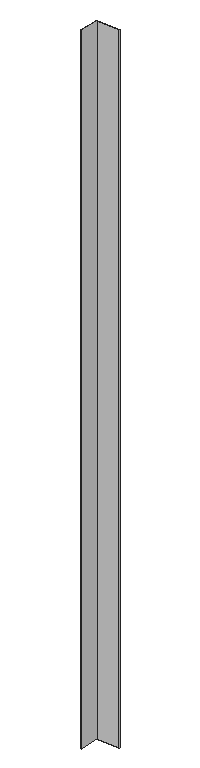
Revit family "M_Manômetro de luz-Ângulos-Coluna", category Pilares estruturais, Revit 2019
Family settings
  Forma do corte = Não definido
  Material para o comportamento do modelo = Aço
  Exportar sempre como geometria = Não
  Redução da viga na planta = Da caixa de vinculação
  Número OmniClass = 23.25.30.11.14.11
  Título OmniClass = Columns
  ID de item do Seek = Light Gauge-Angles-Column-0000-CAN-ENU
  Corte com vazios quando carregada = Não
  Representação simbólica = Das configurações de projeto
  Compartilhado = Não
  Exibir o pré-corte da família na vista da planta = Sim
Parameters (values of type "L75 x 90")
  t = 3 mm
  W = 0
  Structural Material [instance] = Metal - Manômetro de luz
  L2 = 75 mm
  L1 = 90 mm
  Código de montagem = "B10"
  A = 0.00 mm²
Reference planes
  plane 1 "Centro (Frente/Trás)": y = 0
  plane 2: z = 0
  plane 3 "Centro (Esquerda/Direita)": x = 0
  plane 4 "Direita": x = 90
  plane 5 "Inferior": y = -75
Forms (mm)
  Extrusion 1, solid, material "Metal - Manômetro de luz" <- "Structural Material", detail levels medium+fine
    sketch origin (36.512, -15.875, 0) x (0, 1, 0) y (-1, 0, 0)
      loop
        line (-59.125, 36.513) -> (-59.125, 33.513) -> (12.875, 33.513) -> (12.875, -53.487) -> (15.875, -53.487) -> (15.875, 36.513) -> (-59.125, 36.513)
    from 0 to 2500
Lines and regions (mm)
  symbolic lines, style "Faces ocultas", detail levels medium+fine
    curve 1: line (3, -14.287, 2500) -> (3, -14.287, 0)
    curve 2: line (0, -3, 2500) -> (0, -3, 0)
  symbolic lines, style "StructuralColumnStickSymbols", detail levels coarse
    curve 3: line (0, 0, 0) -> (90, 0, 0)
    curve 4: line (0, 0, 0) -> (0, -75, 0)
Dimensions and locks
  "L1": plane 3 "Centro (Esquerda/Direita)" to plane 4 "Direita"
  "L2": plane 1 "Centro (Frente/Trás)" to plane 5 "Inferior"
  "t": Extrusion 1 sketch curve to Extrusion 1 sketch curve  (x2)
  aligned and locked: level to Extrusion 1  (x4)
  aligned and locked: level to plane 2
  aligned and locked: Extrusion 1 to plane 2
  aligned and locked: level to curve 1  (x2)
  aligned and locked: Extrusion 1 to level  (x4)
  aligned and locked: plane 1 "Centro (Frente/Trás)" to Extrusion 1 sketch curve  (x2)
  aligned and locked: plane 5 "Inferior" to Extrusion 1 sketch curve  (x2)
  aligned and locked: Extrusion 1 sketch curve to plane 4 "Direita"
  aligned and locked: plane 4 "Direita" to Extrusion 1 sketch curve
  aligned and locked: Extrusion 1 sketch curve to Extrusion 1 sketch curve
  aligned and locked: plane 3 "Centro (Esquerda/Direita)" to Extrusion 1 sketch curve
  aligned and locked: Extrusion 1 to plane 3 "Centro (Esquerda/Direita)"
  aligned and locked: Extrusion 1 to plane 1 "Centro (Frente/Trás)"
  aligned and locked: Extrusion 1 to plane 4 "Direita"
  aligned and locked: Extrusion 1 to plane 5 "Inferior"
  aligned and locked: curve 3 to Extrusion 1
  aligned and locked: curve 4 to Extrusion 1
  aligned and locked: plane 1 "Centro (Frente/Trás)" to Extrusion 1
  aligned and locked: plane 5 "Inferior" to curve 4
  aligned and locked: plane 4 "Direita" to curve 3
  aligned and locked: curve 1 to Extrusion 1
  aligned and locked: curve 2 to Extrusion 1
Automatic sketch dimensions
  curve 2 to level = 0 mm  (x2)
Types in the file's own list only (5): name | L2 | L1
  L75 x 40 | 40 mm | 75 mm
  L90 x 90 | 90 mm | 90 mm
  L90 x 40 | 40 mm | 90 mm
  L100 x 40 | 40 mm | 100 mm
  L140 x 40 | 40 mm | 140 mm
